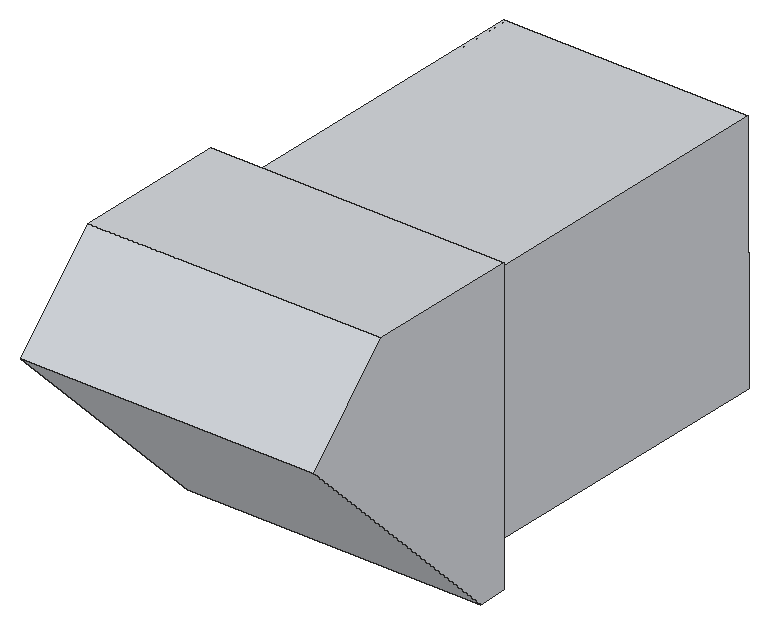
Revit family "XLP", category Mechanical Equipment, Revit 2019
Family settings
  Round Connector Dimension = Use Diameter
  Part Type = Normal
  Work Plane-Based = No
  Always vertical = Yes
  Cut with Voids When Loaded = No
  Shared = No
  Room Calculation Point = No
Parameters (values of type "20_XLP")
  WO_PAC/2 = WO_PAC / 2  # 1' - 0 5/8"
  WO_PAC = B_PAC + 0' 0 1/4"  # 2' - 1 1/4"
  WH_C = WH_B + 0' 3"  # 2' - 9"
  WH_B/2 = WH_B / 2  # 1' - 3"
  WH_B = 2' - 6"
  WH_A = 2' - 0 3/8"
  WEATHER_HOOD [instance] = yes
  Unit Weight [instance] = ""
  Sones [instance] = ""
  SIZE/2 = SIZE / 2  # 0' - 11 15/16"
  SIZE = D - 0' 0 1/8"  # 1' - 11 7/8"
  Motor RPM [instance] = ""
  Motor Enclosure [instance] = ""
  ModelID [instance] = ""
  MOTOR = D / 8  # 0' - 3"
  LwA [instance] = ""
  Fan RPM [instance] = ""
  D_PAC/2 = D_PAC / 2 - 0' 3"  # 1' - 2 3/16"
  D_PAC = 2' - 10 3/8"
  D/2 = D / 2  # 1' - 0"
  D = 2' - 0"
  E/2 = E / 2  # 0' - 1"
  E = 0' - 2"
  C_PAC/2 = C_PAC / 2  # 0' - 11"
  C_PAC = 1' - 10"
  C/2 = C / 2  # 0' - 2 5/8"
  C = 0' - 5 1/4"
  B_PAC/2 = B_PAC / 2  # 1' - 0 1/2"
  B_PAC = 2' - 1"
  B/4 = B / 4  # 0' - 4 49/64"
  B/2 = B / 2  # 0' - 9 17/32"
  B-2.5" = B - 0' 2 1/2"  # 1' - 4 9/16"
  B = 1' - 7 1/16"
  Accessories [instance] = ""
  A_PAC/2 = A_PAC / 2  # 1' - 1 3/4"
  A_PAC = 2' - 3 1/2"
  A/7 = A / 7  # 0' - 3.45536"
  A/3.5 = A / 3.5  # 0' - 6.91071"
  A/2 = A / 2  # 1' - 0 3/32"
  A = 2' - 0 3/16"
  90 = 90.00°  # constant formula
  9" = 0' - 9"  # constant formula
  45 = 45.00°
  4'6" = 4' - 6"  # constant formula
  3" = 0' - 3"  # constant formula
  Brake Hp [instance] = ""
  4" = 0' - 4"  # constant formula
  2E = E + E  # 0' - 4"
  2' = 2' - 0"
  2" = 0' - 2"  # constant formula
  135 = 135.00°  # constant formula
  1" = 0' - 1"  # constant formula
  0 = 0' - 0"  # constant formula
  Voltage [instance] = 0 V
  URL = "www.lorencook.com"
  Type Comments = "Low Pressure Wall-Pac Exhaust Fan Steel Propeller Belt Drive"  # constant formula
  Static Pressure [instance] = 0.00 in-wg
  Power [instance] = Voltage * Motor FLA * sqrt(if(Phase = 3, 3, 1))  # 0 VA
  Phase [instance] = 0
  Number of Poles [instance] = 1
  Motor Hp [instance] = "0"
  Motor FLA [instance] = 0 A
  Model = "XLP"  # constant formula
  Manufacturer = "Loren Cook Company"
  CFM [instance] = 0 CFM
  1.5 = 0' - 1 1/2"  # constant formula
  1/2 = 0' - 0 1/2"  # constant formula
  ONE EIGTH = 0' - 0 1/8"  # constant formula
  -WH_B/2 = -WH_B / 2  # -1' - 3"
  -D_PAC/2 = -D_PAC / 2 - 0' 3"  # -1' - 8 3/16"
  -D = -E  # -0' - 2"
  -C/2 = -C / 2  # -0' - 2 5/8"
  -B+1" = -B + 0' 2"  # -1' - 5 1/16"
  -B = -B  # -1' - 7 1/16"
  -((SIZE/2)-.25") = -((SIZE / 2) - 0' 0 1/4")  # -0' - 11 11/16"
  -((A/2)-C-.5") = -((A / 2) - C - 0' 0 1/2")  # -0' - 6 11/32"
  (SIZE/2)-.25" = (SIZE / 2) - 0' 0 1/4"  # 0' - 11 11/16"
  (D_SUP/2)-(C/2)-.125" = (D / 2) - (C / 2) - 0' 0 1/8"  # 0' - 9 1/4"
  (A/2)-C-.5" = (A / 2) - C - 0' 0 1/2"  # 0' - 6 11/32"
  (A/2)-1" = (A / 2) - 0' 0 1/4"  # 0' - 11 27/32"
Types (9): name | WO_PAC/2 | WO_PAC | WH_C | WH_B/2 | WH_B | WH_A | SIZE/2 | SIZE | MOTOR | D_PAC/2 | D_PAC | D/2 | D | E/2 | E | C_PAC/2 | C_PAC | C/2 | C | B_PAC/2 | B_PAC | B/4 | B/2 | B-2.5" | B | A_PAC/2 | A_PAC | A/7 | A/3.5 | A/2 | A | 2E | -WH_B/2 | -D_PAC/2 | -D | -C/2 | -B+1" | -B | -((SIZE/2)-.25") | -((A/2)-C-.5") | (SIZE/2)-.25" | (D_SUP/2)-(C/2)-.125" | (A/2)-C-.5" | (A/2)-1"
  (no name) | 1' - 0 5/8" | 2' - 1 1/4" | 2' - 9" | 1' - 3" | 2' - 6" | 2' - 0 3/8" | 0' - 11 15/16" | 1' - 11 7/8" | 0' - 3" | 1' - 2 3/16" | 2' - 10 3/8" | 1' - 0" | 2' - 0" | 0' - 1" | 0' - 2" | 0' - 11" | 1' - 10" | 0' - 2 5/8" | 0' - 5 1/4" | 1' - 0 1/2" | 2' - 1" | 0' - 4 49/64" | 0' - 9 17/32" | 1' - 4 9/16" | 1' - 7 1/16" | 1' - 1 3/4" | 2' - 3 1/2" | 0' - 3.45536" | 0' - 6.91071" | 1' - 0 3/32" | 2' - 0 3/16" | 0' - 4" | -1' - 3" | -1' - 8 3/16" | -0' - 2" | -0' - 2 5/8" | -1' - 5 1/16" | -1' - 7 1/16" | -0' - 11 11/16" | -0' - 6 11/32" | 0' - 11 11/16" | 0' - 9 1/4" | 0' - 6 11/32" | 0' - 11 27/32"
  24_XLP | 1' - 3 5/8" | 2' - 7 1/4" | 3' - 1" | 1' - 5" | 2' - 10" | 2' - 3 1/8" | 1' - 2 15/16" | 2' - 5 7/8" | 0' - 3 3/4" | 1' - 2 3/16" | 2' - 10 3/8" | 1' - 3" | 2' - 6" | 0' - 1 1/2" | 0' - 3" | 1' - 1 3/4" | 2' - 3 1/2" | 0' - 3 3/8" | 0' - 6 3/4" | 1' - 3 1/2" | 2' - 7" | 0' - 4 49/64" | 0' - 9 17/32" | 1' - 4 9/16" | 1' - 7 1/16" | 1' - 4 3/4" | 2' - 9 1/2" | 0' - 4 5/16" | 0' - 8 5/8" | 1' - 3 3/32" | 2' - 6 3/16" | 0' - 6" | -1' - 5" | -1' - 8 3/16" | -0' - 3" | -0' - 3 3/8" | -1' - 5 1/16" | -1' - 7 1/16" | -1' - 2 11/16" | -0' - 7 27/32" | 1' - 2 11/16" | 0' - 11 1/2" | 0' - 7 27/32" | 1' - 2 27/32"
  30_XLP | 1' - 6 5/8" | 3' - 1 1/4" | 3' - 7" | 1' - 8" | 3' - 4" | 2' - 7 7/16" | 1' - 5 15/16" | 2' - 11 7/8" | 0' - 4 1/2" | 1' - 4" | 3' - 2" | 1' - 6" | 3' - 0" | 0' - 1 1/2" | 0' - 3" | 1' - 4 3/4" | 2' - 9 1/2" | 0' - 3 3/8" | 0' - 6 3/4" | 1' - 6 1/2" | 3' - 1" | 0' - 4 49/64" | 0' - 9 17/32" | 1' - 4 9/16" | 1' - 7 1/16" | 1' - 7 3/4" | 3' - 3 1/2" | 0' - 5.16964" | 0' - 10.33929" | 1' - 6 3/32" | 3' - 0 3/16" | 0' - 6" | -1' - 8" | -1' - 10" | -0' - 3" | -0' - 3 3/8" | -1' - 5 1/16" | -1' - 7 1/16" | -1' - 5 11/16" | -0' - 10 27/32" | 1' - 5 11/16" | 1' - 2 1/2" | 0' - 10 27/32" | 1' - 5 27/32"
  36_XLP | 1' - 9 5/8" | 3' - 7 1/4" | 4' - 1" | 1' - 11" | 3' - 10" | 2' - 11 11/16" | 1' - 8 15/16" | 3' - 5 7/8" | 0' - 5 1/4" | 1' - 4 3/4" | 3' - 3 1/2" | 1' - 9" | 3' - 6" | 0' - 1 1/2" | 0' - 3" | 1' - 7 3/4" | 3' - 3 1/2" | 0' - 3 11/16" | 0' - 7 3/8" | 1' - 9 1/2" | 3' - 7" | 0' - 4 49/64" | 0' - 9 17/32" | 1' - 4 9/16" | 1' - 7 1/16" | 1' - 10 3/4" | 3' - 9 1/2" | 0' - 6.02679" | 1' - 0.05357" | 1' - 9 3/32" | 3' - 6 3/16" | 0' - 6" | -1' - 11" | -1' - 10 3/4" | -0' - 3" | -0' - 3 11/16" | -1' - 5 1/16" | -1' - 7 1/16" | -1' - 8 11/16" | -1' - 1 7/32" | 1' - 8 11/16" | 1' - 5 3/16" | 1' - 1 7/32" | 1' - 8 27/32"
  42_XLP | 2' - 0 21/32" | 4' - 1 5/16" | 4' - 7" | 2' - 2" | 4' - 4" | 3' - 3 15/16" | 1' - 11 15/16" | 3' - 11 7/8" | 0' - 6" | 1' - 5 1/2" | 3' - 5" | 2' - 0" | 4' - 0" | 0' - 1 1/2" | 0' - 3" | 1' - 10 3/4" | 3' - 9 1/2" | 0' - 3 25/32" | 0' - 7 9/16" | 2' - 0 17/32" | 4' - 1 1/16" | 0' - 5 11/64" | 0' - 10 11/32" | 1' - 6 3/16" | 1' - 8 11/16" | 2' - 1 3/4" | 4' - 3 1/2" | 0' - 6.88393" | 1' - 1.76786" | 2' - 0 3/32" | 4' - 0 3/16" | 0' - 6" | -2' - 2" | -1' - 11 1/2" | -0' - 3" | -0' - 3 25/32" | -1' - 6 11/16" | -1' - 8 11/16" | -1' - 11 11/16" | -1' - 4 1/32" | 1' - 11 11/16" | 1' - 8 3/32" | 1' - 4 1/32" | 1' - 11 27/32"
  48_XLP | 2' - 3 21/32" | 4' - 7 5/16" | 5' - 1" | 2' - 5" | 4' - 10" | 3' - 8 3/16" | 2' - 2 15/16" | 4' - 5 7/8" | 0' - 6 3/4" | 1' - 10 1/2" | 4' - 3" | 2' - 3" | 4' - 6" | 0' - 1 1/2" | 0' - 3" | 2' - 1 3/4" | 4' - 3 1/2" | 0' - 3 15/16" | 0' - 7 7/8" | 2' - 3 17/32" | 4' - 7 1/16" | 0' - 6 37/64" | 1' - 1 5/32" | 1' - 11 13/16" | 2' - 2 5/16" | 2' - 4 3/4" | 4' - 9 1/2" | 0' - 7.74107" | 1' - 3.48214" | 2' - 3 3/32" | 4' - 6 3/16" | 0' - 6" | -2' - 5" | -2' - 4 1/2" | -0' - 3" | -0' - 3 15/16" | -2' - 0 5/16" | -2' - 2 5/16" | -2' - 2 11/16" | -1' - 6 23/32" | 2' - 2 11/16" | 1' - 10 15/16" | 1' - 6 23/32" | 2' - 2 27/32"
  54_XLP | 2' - 6 11/16" | 5' - 1 3/8" | 5' - 7" | 2' - 8" | 5' - 4" | 4' - 0 7/16" | 2' - 5 15/16" | 4' - 11 7/8" | 0' - 7 1/2" | 1' - 9" | 4' - 0" | 2' - 6" | 5' - 0" | 0' - 1 1/2" | 0' - 3" | 2' - 4 3/4" | 4' - 9 1/2" | 0' - 3 7/8" | 0' - 7 3/4" | 2' - 6 9/16" | 5' - 1 1/8" | 0' - 6 37/64" | 1' - 1 5/32" | 1' - 11 13/16" | 2' - 2 5/16" | 2' - 7 3/4" | 5' - 3 1/2" | 0' - 8.59821" | 1' - 5.19643" | 2' - 6 3/32" | 5' - 0 3/16" | 0' - 6" | -2' - 8" | -2' - 3" | -0' - 3" | -0' - 3 7/8" | -2' - 0 5/16" | -2' - 2 5/16" | -2' - 5 11/16" | -1' - 9 27/32" | 2' - 5 11/16" | 2' - 2" | 1' - 9 27/32" | 2' - 5 27/32"
  60_XLP | 2' - 9 11/16" | 5' - 7 3/8" | 6' - 1" | 2' - 11" | 5' - 10" | 4' - 4 5/8" | 2' - 8 15/16" | 5' - 5 7/8" | 0' - 8 1/4" | 1' - 9" | 4' - 0" | 2' - 9" | 5' - 6" | 0' - 1 1/2" | 0' - 3" | 2' - 7 3/4" | 5' - 3 1/2" | 0' - 3 15/16" | 0' - 7 7/8" | 2' - 9 9/16" | 5' - 7 1/8" | 0' - 6 37/64" | 1' - 1 5/32" | 1' - 11 13/16" | 2' - 2 5/16" | 2' - 10 3/4" | 5' - 9 1/2" | 0' - 9.45536" | 1' - 6.91071" | 2' - 9 3/32" | 5' - 6 3/16" | 0' - 6" | -2' - 11" | -2' - 3" | -0' - 3" | -0' - 3 15/16" | -2' - 0 5/16" | -2' - 2 5/16" | -2' - 8 11/16" | -2' - 0 23/32" | 2' - 8 11/16" | 2' - 4 15/16" | 2' - 0 23/32" | 2' - 8 27/32"
  20_XLP | 1' - 0 5/8" | 2' - 1 1/4" | 2' - 9" | 1' - 3" | 2' - 6" | 2' - 0 3/8" | 0' - 11 15/16" | 1' - 11 7/8" | 0' - 3" | 1' - 2 3/16" | 2' - 10 3/8" | 1' - 0" | 2' - 0" | 0' - 1" | 0' - 2" | 0' - 11" | 1' - 10" | 0' - 2 5/8" | 0' - 5 1/4" | 1' - 0 1/2" | 2' - 1" | 0' - 4 49/64" | 0' - 9 17/32" | 1' - 4 9/16" | 1' - 7 1/16" | 1' - 1 3/4" | 2' - 3 1/2" | 0' - 3.45536" | 0' - 6.91071" | 1' - 0 3/32" | 2' - 0 3/16" | 0' - 4" | -1' - 3" | -1' - 8 3/16" | -0' - 2" | -0' - 2 5/8" | -1' - 5 1/16" | -1' - 7 1/16" | -0' - 11 11/16" | -0' - 6 11/32" | 0' - 11 11/16" | 0' - 9 1/4" | 0' - 6 11/32" | 0' - 11 27/32"
Reference planes (in)
  plane 1 "Center (Front/Back)": y = 0
  plane 2: z = 0
  plane 3 "Center (Left/Right)": x = 0.40541
Forms (in)
  Revolve 1, solid
    sketch origin (0.40541, 0, 0) x (0, 1, 0) y (0, 0, 1)
      loop
        line (-3.625, 2.625) -> (-3.625, 0) -> (-2.625, 0) -> (-2.625, 2.625) -> (-3.625, 2.625)
      axis (-3.625, 0) -> (-2.625, 0)
    angle from 0 to 360
  Extrusion 2, solid
    sketch origin (0.40541, 0, 0) x (0, 1, 0) y (0, 0, 1)
      loop
        line (0, -2.625) -> (-5.25, 2.625) -> (-5.33839, 2.53661) -> (-0.08839, -2.71339) -> (0, -2.625)
    from 48 to 2.625 <- "C/2"
  Extrusion 3, solid
    sketch origin (0.40541, 0, 0) x (0, 1, 0) y (-1, 0, 0)
      loop
        line (0, -2.625) -> (-5.25, 2.625) -> (-5.33839, 2.53661) -> (-0.08839, -2.71339) -> (0, -2.625)
    from 48 to 2.625 <- "C/2"
  Extrusion 4, solid
    sketch origin (0.40541, 0, 0) x (0, 1, 0) y (0, 0, -1)
      loop
        line (0, -2.625) -> (-5.25, 2.625) -> (-5.33839, 2.53661) -> (-0.08839, -2.71339) -> (0, -2.625)
    from 48 to 2.625 <- "C/2"
  Extrusion 5, solid
    sketch origin (0.40541, 0, 0) x (1, 0, 0) y (0, 1, 0)
      loop
        line (-2.625, 0) -> (-2.71339, -0.08839) -> (2.53661, -5.33839) -> (2.625, -5.25) -> (-2.625, 0)
    from -48 to -2.625 <- "-C/2"
  Extrusion 6, void
    sketch origin (0, 0, 0) x (1, 0, 0) y (0, 0, 1)
      loop
        circle (0.40541, 0) r 9.25
      loop
        circle (0.40541, 0) r 54
    from 0 to 10
  Extrusion 7, solid
    sketch origin (0, 0, 0) x (1, 0, 0) y (0, 0, 1)
      loop
        line (-11.68834, 12.09375) -> (-11.68834, -12.09375) -> (12.49916, -12.09375) -> (12.49916, 12.09375) -> (-11.68834, 12.09375)
      loop
        circle (0.40541, 0) r 12
    from 0 to -0.125
  Extrusion 8, solid
    sketch origin (0, 0, 0) x (1, 0, 0) y (0, 0, 1)
      loop
        line (-11.68834, 12.09375) -> (-11.68834, -12.09375) -> (12.49916, -12.09375) -> (12.49916, 12.09375) -> (-11.68834, 12.09375)
      loop
        line (12.37416, -11.96875) -> (12.37416, 11.96875) -> (-11.56334, 11.96875) -> (-11.56334, -11.96875) -> (12.37416, -11.96875)
    from 0 to -2 <- "-D"
  Extrusion 9, solid
    sketch origin (0, 0, 0) x (1, 0, 0) y (0, 0, 1)
      loop
        circle (0.40541, 0) r 1
    from 2 to -19.0625 <- "-B"
  Revolve 10, solid
    sketch origin (0.40541, 0, 0) x (0, 1, 0) y (0, 0, 1)
      loop
        arc (-0.125, 12) -> (-2.75, 9.375) -> (-5.375, 12) r 2.625
        line (-5.375, 12) -> (-5.5, 12)
        arc (-5.5, 12) -> (-2.75, 9.25) -> (0, 12) r 2.75
        line (0, 12) -> (-0.125, 12)
      axis (-5.5, 0) -> (0, 0)
    angle from 0 to 360
  Extrusion 11, solid
    sketch origin (0, 0.125, 0) x (-1, 0, 0) y (0, 0, 1)
      loop
        line (-12.24916, -6.1869) -> (5.78148, 11.84375) -> (4.36727, 11.84375) -> (-12.24916, -4.77268) -> (-12.24916, -6.1869)
    from 0 to 4 <- "2E"
  Extrusion 12, solid
    sketch origin (0, 0.125, 0) x (-1, 0, 0) y (0, 0, 1)
      loop
        line (-5.35516, 0.70711) -> (7.1957, -11.84375) -> (8.60991, -11.84375) -> (-4.64805, 1.41421) -> (-5.35516, 0.70711)
    from 0 to 16.5625 <- "B-2.5""
  Extrusion 13, solid
    sketch origin (0, 0.125, 0) x (-1, 0, 0) y (0, 0, 1)
      loop
        circle (5.56334, -4.55454) r 3
    from 0 to 16.5625 <- "B-2.5""
  Extrusion 14, solid
    sketch origin (0, 16.6875, 0) x (-1, 0, 0) y (0, 0, 1)
      loop
        circle (5.56334, -4.55454) r 0.5
    from 0 to 2.5
  Extrusion 15, solid
    sketch origin (0, 16.6875, 0) x (-1, 0, 0) y (0, 0, 1)
      loop
        circle (-0.40541, 0) r 1
      loop
        line (-3.94095, 0.70711) -> (0.30169, -3.53553) -> (1.0088, -2.82843) -> (0.11223, -1.93185)
        arc (0.11223, -1.93185) -> (1.0088, 1.41421) -> (-2.33726, 0.51764) r 2
        line (-2.33726, 0.51764) -> (-3.23384, 1.41421) -> (-3.94095, 0.70711)
    from -2.5 to -1
  Extrusion 16, solid
    sketch origin (0, 0.125, 0) x (1, 0, 0) y (0, 0, 1)
      loop
        circle (0.40541, 0) r 1
      loop
        arc (2.33726, 0.51764) -> (-1.0088, 1.41421) -> (-0.11223, -1.93185) r 2
        line (-0.11223, -1.93185) -> (-1.0088, -2.82843) -> (-0.30169, -3.53553) -> (3.94095, 0.70711) -> (3.23384, 1.41421) -> (2.33726, 0.51764)
    from -2.5 to -1
  Extrusion 17, void
    sketch origin (4.64805, 0.125, 1.41421) x (0.707107, 0, 0.707107) y (0, -1, 0)
      loop
        line (-18.74959, -16.5625) -> (-15.74959, -16.5625) -> (-18.74959, -13.5625) -> (-18.74959, -16.5625)
    from 0 to 12
  Extrusion 18, solid
    sketch origin (0, 0, 0) x (1, 0, 0) y (0, 0, 1)
      loop
        line (-12.09459, 12.5) -> (-12.09459, -12.5) -> (12.90541, -12.5) -> (12.90541, 12.5) -> (-12.09459, 12.5)
      loop
        line (12.78041, -12.375) -> (12.78041, 12.375) -> (-11.96959, 12.375) -> (-11.96959, -12.375) -> (12.78041, -12.375)
    from -20.1875 <- "-D_PAC/2" to 14.1875 <- "D_PAC/2"
  Extrusion 19, solid
    sketch origin (0, -14.1875, 0) x (1, 0, 0) y (0, 0, 1)
      loop
        line (-10.59459, 11) -> (-10.59459, -11) -> (11.40541, -11) -> (11.40541, 11) -> (-10.59459, 11)
      loop
        line (14.15541, -13.75) -> (14.15541, 13.75) -> (-13.34459, 13.75) -> (-13.34459, -13.75) -> (14.15541, -13.75)
    from 0 to 0.125
  Extrusion 20, solid
    sketch origin (0, -14.3125, 0) x (1, 0, 0) y (0, 0, 1)
      loop
        line (9.90541, 9.5) -> (-9.09459, 9.5) -> (-9.09459, -9.5) -> (9.90541, -9.5) -> (9.90541, 9.5)
      loop
        line (-10.59459, -11) -> (11.40541, -11) -> (11.40541, 11) -> (-10.59459, 11) -> (-10.59459, -11)
    from 0 to 2
  Extrusion 21, solid, visible <- "WEATHER_HOOD"
    sketch origin (0.40541, 0, 0) x (0, 1, 0) y (0, 0, 1)
      loop
        line (-14.1875, 15) -> (-29.9375, 15) -> (-38.5625, 6.375) -> (-17.1875, -15) -> (-14.1875, -15) -> (-14.1875, 15)
    from 15 <- "WH_B/2" to -15 <- "-WH_B/2"
Cuts and joins
  Extrusion 6 cuts Revolve 1
  Extrusion 6 cuts Extrusion 2
  Extrusion 6 cuts Extrusion 3
  Extrusion 6 cuts Extrusion 4
  Extrusion 6 cuts Extrusion 5
  Extrusion 17 cuts Extrusion 12
Dimensions and locks (in)
  "0": Revolve 1 sketch curve to level  (x2)
  "C/2": Revolve 1 sketch curve to level
  "C/2": plane 1 "Center (Front/Back)" to Revolve 1 sketch curve
  "1"": Revolve 1 sketch curve to Revolve 1 sketch curve
  "0": Extrusion 2 sketch curve to plane 1 "Center (Front/Back)"
  "C": plane 1 "Center (Front/Back)" to Extrusion 2 sketch curve
  "C/2": Extrusion 2 sketch curve to level
  "C/2": level to Extrusion 2 sketch curve
  "ONE EIGTH": Extrusion 2 sketch curve to Extrusion 2 sketch curve
  "ONE EIGTH": Extrusion 3 sketch curve to Extrusion 3 sketch curve
  "ONE EIGTH": Extrusion 4 sketch curve to Extrusion 4 sketch curve
  "ONE EIGTH": Extrusion 5 sketch curve to Extrusion 5 sketch curve
  Extrusion 6 sketch curve to plane 3 "Center (Left/Right)" = 0' - 0"  (x2)
  level to Extrusion 6 sketch curve = 0' - 0"
  Extrusion 6 sketch curve to level = 0' - 0"
  "0": Extrusion 3 sketch curve to plane 1 "Center (Front/Back)"
  "C": Extrusion 3 sketch curve to plane 1 "Center (Front/Back)"
  "C/2": plane 3 "Center (Left/Right)" to Extrusion 3 sketch curve
  "C/2": Extrusion 3 sketch curve to plane 3 "Center (Left/Right)"
  "C": plane 1 "Center (Front/Back)" to Extrusion 4 sketch curve
  "0": Extrusion 4 sketch curve to plane 1 "Center (Front/Back)"
  "C/2": level to Extrusion 4 sketch curve
  "C/2": Extrusion 4 sketch curve to level
  "0": Extrusion 5 sketch curve to plane 1 "Center (Front/Back)"
  "C": Extrusion 5 sketch curve to plane 1 "Center (Front/Back)"
  "C/2": plane 3 "Center (Left/Right)" to Extrusion 5 sketch curve
  "C/2": Extrusion 5 sketch curve to plane 3 "Center (Left/Right)"
  "A/2": plane 3 "Center (Left/Right)" to Extrusion 7 sketch curve
  "A/2": Extrusion 7 sketch curve to plane 3 "Center (Left/Right)"
  "A/2": Extrusion 7 sketch curve to level
  "A/2": level to Extrusion 7 sketch curve
  "0": Extrusion 7 sketch curve to level
  "0": Extrusion 7 sketch curve to plane 3 "Center (Left/Right)"
  "ONE EIGTH": Extrusion 8 sketch curve to Extrusion 8 sketch curve  (x4)
  "A/2": plane 3 "Center (Left/Right)" to Extrusion 8 sketch curve  (x2)
  "A/2": level to Extrusion 8 sketch curve
  "A/2": Extrusion 8 sketch curve to level
  "0": Extrusion 9 sketch curve to level
  "0": Extrusion 9 sketch curve to plane 3 "Center (Left/Right)"
  "0": Revolve 10 sketch curve to level
  "D/2": Revolve 10 sketch curve to level  (x2)
  "C": Revolve 10 sketch curve to Revolve 10 sketch curve
  "ONE EIGTH": plane 1 "Center (Front/Back)" to Revolve 10 sketch curve
  "ONE EIGTH": Revolve 10 sketch curve to Revolve 10 sketch curve  (x2)
  "0": Revolve 10 sketch curve to Revolve 10 sketch curve
  "3"": Extrusion 9 to Extrusion 11 sketch curve
  "1"": Extrusion 11 sketch curve to Extrusion 11 sketch curve
  "ONE EIGTH": Extrusion 11 sketch curve to Extrusion 8
  "ONE EIGTH": Extrusion 8 to Extrusion 11 sketch curve
  "ONE EIGTH": Extrusion 8 to Extrusion 12 sketch curve
  "0": Extrusion 12 sketch curve to Extrusion 11
  "1"": Extrusion 12 sketch curve to Extrusion 12 sketch curve
  "1"": Extrusion 12 sketch curve to Extrusion 9
  "0": Extrusion 13 sketch curve to Extrusion 12
  "3"": Extrusion 13 sketch curve to Extrusion 8
  "MOTOR": Extrusion 14 sketch curve to Extrusion 12
  "MOTOR": Extrusion 14 sketch curve to Extrusion 13
  "0": Extrusion 15 sketch curve to plane 3 "Center (Left/Right)"
  "0": Extrusion 15 sketch curve to level
  "0": Extrusion 12 to Extrusion 15 sketch curve
  "1"": Extrusion 15 sketch curve to Extrusion 15 sketch curve  (x2)
  "3"": plane 3 "Center (Left/Right)" to Extrusion 15 sketch curve  (x2)
  "0": Extrusion 16 sketch curve to plane 3 "Center (Left/Right)"  (x2)
  "0": Extrusion 16 sketch curve to level  (x2)
  "3"": plane 3 "Center (Left/Right)" to Extrusion 16 sketch curve  (x2)
  "0": Extrusion 16 sketch curve to Extrusion 12
  "1"": Extrusion 16 sketch curve to Extrusion 16 sketch curve  (x2)
  "0": plane 3 "Center (Left/Right)" to Extrusion 15 sketch curve
  "0": level to Extrusion 15 sketch curve
  "0": Extrusion 17 sketch curve to Extrusion 12  (x2)
  "MOTOR": Extrusion 17 sketch curve to Extrusion 17 sketch curve  (x2)
  "ONE EIGTH": Extrusion 18 sketch curve to Extrusion 18 sketch curve  (x4)
  "B_PAC/2": plane 3 "Center (Left/Right)" to Extrusion 18 sketch curve  (x2)
  "B_PAC/2": level to Extrusion 18 sketch curve
  "B_PAC/2": Extrusion 18 sketch curve to level
  "A_PAC/2": plane 3 "Center (Left/Right)" to Extrusion 19 sketch curve  (x2)
  "C_PAC/2": Extrusion 19 sketch curve to level
  "A_PAC/2": Extrusion 19 sketch curve to level
  "A_PAC/2": level to Extrusion 19 sketch curve
  "C_PAC/2": level to Extrusion 19 sketch curve
  "C_PAC/2": plane 3 "Center (Left/Right)" to Extrusion 19 sketch curve  (x2)
  "1.5": Extrusion 20 sketch curve to Extrusion 20 sketch curve  (x4)
  "C_PAC/2": Extrusion 20 sketch curve to level
  "C_PAC/2": level to Extrusion 20 sketch curve
  "C_PAC/2": plane 3 "Center (Left/Right)" to Extrusion 20 sketch curve  (x2)
  "0": Extrusion 19 to Extrusion 21 sketch curve
  "WH_B/2": Extrusion 21 sketch curve to level
  "WH_B/2": level to Extrusion 21 sketch curve
  "3"": Extrusion 21 sketch curve to Extrusion 21 sketch curve
  "WH_A": Extrusion 21 sketch curve to Extrusion 21 sketch curve
  "(D_SUP/2)-(C/2)-.125"": radius of Extrusion 6 sketch curve
  "D/2": radius of Extrusion 7 sketch curve
  "1"": radius of Extrusion 9 sketch curve
  "4'6"": radius of Extrusion 6 sketch curve
  "MOTOR": radius of Extrusion 13 sketch curve
  "1/2": radius of Extrusion 14 sketch curve
  "1"": radius of Extrusion 15 sketch curve
  "2"": radius of Extrusion 16 sketch curve
  "1"": radius of Extrusion 16 sketch curve
  "2"": radius of Extrusion 15 sketch curve
  "45": angle Extrusion 11 sketch curve to plane 3 "Center (Left/Right)"
  "45": angle Extrusion 12 sketch curve to Extrusion 8
  "135": angle Extrusion 21 sketch curve to Extrusion 21 sketch curve
  "90": angle Extrusion 21 sketch curve to Extrusion 21 sketch curve
Automatic sketch dimensions
  Revolve 1 sketch curve to plane 1 "Center (Front/Back)" = 0' - 0"
  Revolve 1 sketch curve to Revolve 1 sketch curve = 2' - 2"
  plane 1 "Center (Front/Back)" to Revolve 10 sketch curve = 0' - 3 1/4"
  Revolve 10 sketch curve to Revolve 10 sketch curve = 0' - 1.44822"
Connectors (in)
  hvac at (0.40541, -16.3125, 0), driven by "CFM", driven by "C_PAC", driven by "C_PAC"
    settings: on Extrusion 20, index 1, duct flow 0 CFM, flow factor 0, pres drop 0.00 in-wg, loss coef 0, conn angle 0.00°, conn width 22", conn height 22", conn diameter 24", duct sys type 3, conn prof type 1, flow config 0, flow direction 2, loss method 0, conn ref index -1, conn util no, is conn primary yes, conn desc ""
  hvac at (0.40541, 20.1875, 0), driven by "WO_PAC", driven by "WO_PAC", driven by "CFM"
    settings: on Extrusion 18, index 2, duct flow 0 CFM, flow factor 0, pres drop 0.00 in-wg, loss coef 0, conn angle 0.00°, conn width 25 1/4", conn height 25 1/4", conn diameter 24", duct sys type 3, conn prof type 1, flow config 0, flow direction 1, loss method 0, conn ref index -1, conn util no, is conn primary no, conn desc ""
  electrical at (-5.56334, 0.125, -4.55454)
    settings: on Extrusion 13, index 3, voltage 0 V, apparent load 0 VA, apparent load phase1 0 VA, apparent load phase2 0 VA, apparent load phase3 0 VA, power factor 1, load classification "Other", number of poles 1, system type 30, power factor state 1, is connector primary yes, connector utility no, sub classification motor no, connector description ""
